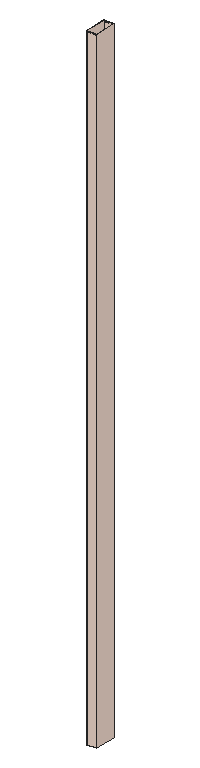
Revit family "sq45100", category 機械設備, Revit 2022
Family settings
  丸型コネクタ寸法 = 直径を使用
  種別 = なし
  パーツ タイプ = 標準
  作業面ベース = いいえ
  常に垂直 = はい
  ロード時にボイドで切り取り = いいえ
  注釈の向きを維持 = いいえ
  共有 = いいえ
  部屋計算ポイント = いいえ
Parameters
  製造元 = "株式会社桐井製作所"
  既定の高さ = 0 mm
  URL = "https://www.kirii.co.jp/"
  K_長さ(mm) [instance] = 3000 mm
  K_材質 = "SGCC　一般用"
  K_断面積A(mm2) = 134
  K_断面係数Zy(mm3) = 2247
  K_断面係数Zx(mm3) = 3387
  K_断面2次半径iy(mm) = 19.9
  K_断面2次半径ix(mm) = 35.6
  K_断面2次モーメントIy(mm4) = 52940
  K_断面2次モーメントIx(mm4) = 169400
  K_外形寸法(mm) = "□45×100"
  K_品名 = "SQ-BAR45100"
  K_名称 = "角型スタッド"
  K_単位質量(kg/m) = 1.09
  K_ヤング係数E(N/mm2) = 205000
  K_バージョン情報 = "20210524"
  K_めっき付着量 = "Z08"
  K_JIS規格 = "JIS G 3302"
Reference planes
  plane 1 "中心(正面/背面)": y = 0
  plane 2: z = 0
  plane 3 "中心(左/右)": x = 0
  plane 4: x = 22.5
  plane 5: x = -22.5
  plane 6: y = 50
  plane 7: z = 3000
  plane 8: y = -50
Forms (mm)
  Extrusion 1, solid
    sketch origin (0.5, -20, 0) x (1, 0, 0) y (0, 1, 0)
      loop
        line (-23, 70) -> (-23, -30) -> (22, -30) -> (22, 70) -> (-23, 70)
      loop
        line (-22.5, 69.5) -> (-22.5, -29.5) -> (21.5, -29.5) -> (21.5, 69.5) -> (-22.5, 69.5)
    from 0 to 3000
Dimensions and locks
  locked: Extrusion 1 sketch curve to Extrusion 1 sketch curve at 0.5  (x4)
  "K_長さ(mm)": plane 7 to level
  aligned and locked: level to plane 2
  aligned and locked: Extrusion 1 sketch curve to plane 6
  aligned and locked: plane 7 to Extrusion 1
  aligned and locked: plane 6 to Extrusion 1
  aligned and locked: Extrusion 1 to plane 8
  aligned and locked: Extrusion 1 to plane 5
  aligned and locked: plane 4 to Extrusion 1
Automatic sketch dimensions
  Extrusion 1 sketch curve to plane 4 = 0.5 mm
  plane 5 to Extrusion 1 sketch curve = 0.5 mm
  plane 1 "中心(正面/背面)" to Extrusion 1 sketch curve = 49.5 mm
